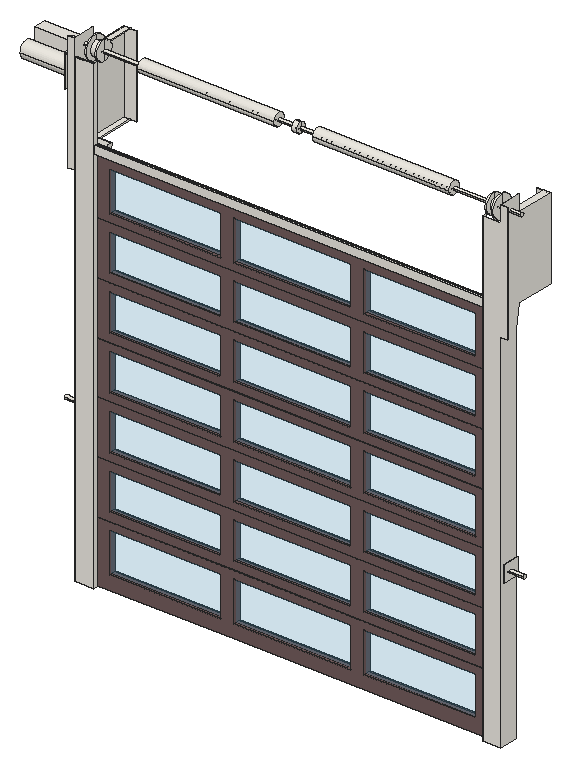
Revit family "Doors-Industrial_Cornell_VertiStack-Clear-Stacking-Door_VS904_", category Specialty Equipment, Revit 2018
Family settings
  Round Connector Dimension = Use Diameter
  Part Type = Normal
  OmniClass Number = 23.25.40.17
  Work Plane-Based = Yes
  Always vertical = Yes
  Cut with Voids When Loaded = No
  Shared = No
  Room Calculation Point = No
Parameters (values of type "VSH 5011EP")
  Voltage = 120 V
  Standard Door = yes
  Single Int Panel Vis [instance] = not(Array Vis)  # no
  Power Factor = 0
  Phase = 1
  Panel Material = Laminated - Cornell -Brown
  Opening Width MIN = 4' - 6"  # constant formula
  Opening Width MAX = 14' - 0"  # constant formula
  URL = "https://www.cornelliron.com/"
  Sizing Disclaimer = "Openings up to 14' wide and 14' high are standard construction. Consult Manufacturer for larger sizes"  # constant formula
  Product data url = "https://www.bimobject.com/cornellironworks/product/vertistack-clear-stacking-door"
  Product Guid = "113de349-bd72-47a0-a1f9-466d2940d166"
  Opening Width [instance] = 10' - 0"
  Opening Height [instance] = 10' - 0"
  Number of Poles = 1
  Number of Panels [instance] = size_lookup(Lookup Table, "N", 2, Actual Height)  # 7
  Number of Int Panels [instance] = if(Number of Panels > 3, Number of Panels - 2, 2)  # 5
  Motor Top Position [instance] = not(or(Motor Side Position, Motor Front Position))  # no
  Motor Side Position [instance] = yes
  Motor Front Position [instance] = no
  Model = "VS904"
  Manufacturer = "Cornell"  # constant formula
  Opening Height MIN = 4' - 0"  # constant formula
  Opening Height MAX = 14' - 0"  # constant formula
  Lookup Table = "Vertistack"  # constant formula
  Lock Handle Height [instance] = if(Counter Door, 1' 0", if(or(Opening Height < 6' 0", Opening Height = 6' 0"), 1' 0", 4' 0"))  # 4' - 0"
  Int Section Height [instance] = size_lookup(Lookup Table, "INT", 1' 2 1/2", Actual Height)  # 1' - 4 1/2"
  Glass Material = Glass - Cornell
  Full Load Current = 4.5 A
  Front Offset [instance] = 0' - 0"
  Frequency = 60 Hz
  Frame Material = Metal - Cornell - Steel RAL9010
  Electrical Notes = "For more information on the Electrical requirements please contact the manufacturer"  # constant formula
  Edition number = 0
  Description = "Model VS904 The VertiStack Clear door utilizes unique, compact stacking panels that take up minimal ceiling space, so it won’t interfere with mechanical, electrical or plumbing fixtures. Vertically stacked panels with minimal projection oﬀ the wall allow for a clear and open ceiling. The panels can even be recessed into the ceiling if desired. Designed to operate smoothly and quietly, patrons will not be disturbed by operation."  # constant formula
  Default Elevation = 0' - 0"
  Custom Size Warning [instance] = if(or(Opening Height > Opening Height MAX, Opening Width > Opening Width MAX), "The size entered exceeds the maximum allowed tolerance. The model will revert to the maximum allowed size.", if(or(Opening Height < Opening Height MIN, Opening Width < Opening Width MIN), "The size entered is smaller than the minumum allowed tolerance. The model will revert to the minimum allowed size", "Size Available"))  # "Size Available"
  Counter Door = not(Standard Door)  # no
  Connector Pos 3 [instance] = if(or(Motor Side Position, Motor Top Position), 0' 2 1/8", 1' 9")  # 0' - 2 1/8"
  Connector Pos 2 [instance] = if(or(Motor Side Position, Motor Front Position), 1' 11", 0' 8")  # 1' - 11"
  Connector Pos 1 [instance] = if(Motor Side Position, 0' 7", 1' 11")  # 0' - 7"
  Connector Description = "Power Connection"  # constant formula
  Assembly Height [instance] = if(Motor Side Position, Actual Height + 2' 6 5/8", Actual Height + 3' 3 3/8")  # 12' - 6 5/8"
  Assembly Code = ""
  Array Vis [instance] = if(Number of Panels > 3, 1 < 2, 1 > 2)  # yes
  Actual Width [instance] = if(Opening Width > Opening Width MAX, Opening Width MAX, if(Opening Width < Opening Width MIN, Opening Width MIN, Opening Width))  # 10' - 0"
  Actual Height [instance] = if(Opening Height > Opening Height MAX, Opening Height MAX, if(Opening Height < Opening Height MIN, Opening Height MIN, round(Opening Height / 0' 1") * 0' 1"))  # 10' - 0"
Types (7): name | Voltage | Phase | Number of Poles | Full Load Current | Frequency
  VSH 5011EP | 120 V | 1 | 1 | 4.5 A | 60 Hz
  VSH 5021P | 230 V | 1 | 1 | 1.8 A | 60 Hz
  VSH 5023P | 230 V | 3 | 3 | 1.1 A | 60 Hz
  VSH 5043P | 460 V | 3 | 3 | 0.58 A | 60 Hz
  VSH 5053P | 575 V | 3 | 3 | 0.6 A | 60 Hz
  VSH 5025P | 230 V | 1 | 1 | 1.8 A | 50 Hz
  VSH 5038P | 380 V | 3 | 3 | 0.68 A | 50 Hz
Reference planes (in)
  plane 1 "Center (Front/Back)": y = -3
  plane 2: z = 0
  plane 3 "Center (Left/Right)": x = 0
  plane 4: x = -60
  plane 5: x = 60
  plane 6: y = -3
  plane 7: z = 120
  plane 8: z = 113
  plane 9: z = 145
  plane 10: y = 16
  plane 11: y = 4
  plane 12: z = 150
  plane 13: z = 113.5
  plane 14: x = 69
  plane 15: x = -70
  plane 16: z = 146.875
  plane 17: y = 1
  plane 18: y = 7
  plane 19: x = -83.75
  plane 20: x = -68.75
  plane 21: z = 158
  plane 22: x = -52.5
  plane 23: x = -66.32031
  plane 24: y = 8
  plane 25: y = -0.125
  plane 26: z = 120.5
  plane 27: z = 135
  plane 28: x = -6
  plane 29: x = -48
  plane 30: x = 6
  plane 31: x = 48
  plane 32: z = 48
  plane 33: x = -66.25
  plane 34: x = 66.25
  plane 35: y = 27.47206
Forms (in)
  Extrusion 1, solid, material "Metal - Cornell - Steel RAL9010" <- "Frame Material"
    sketch origin (0, 0, 0) x (1, 0, 0) y (0, 1, 0)
      loop
        line (-60, -3) -> (-60, -1.6875) -> (-60.10156, -1.6875) -> (-60.10156, -2.89844) -> (-65.64844, -2.89844) -> (-65.64844, 2.64844) -> (-60.10156, 2.64844) -> (-60.10156, 1.4375) -> (-60, 1.4375) -> (-60, 2.75) -> (-65.75, 2.75) -> (-65.75, -3) -> (-60, -3)
      loop
        line (60, -3) -> (65.75, -3) -> (65.75, 2.75) -> (60, 2.75) -> (60, 1.4375) -> (60.10156, 1.4375) -> (60.10156, 2.64844) -> (65.64844, 2.64844) -> (65.64844, -2.89844) -> (60.10156, -2.89844) -> (60.10156, -1.6875) -> (60, -1.6875) -> (60, -3)
    from 0 to 113
  Extrusion 2, solid, material "Metal - Cornell - Steel RAL9010" <- "Frame Material"
    sketch origin (0, 0, 0) x (1, 0, 0) y (0, 1, 0)
      loop
        line (-65.75, -3) -> (-60, -3) -> (-60, -1.6875) -> (-60.10156, -1.6875) -> (-60.10156, -2.89844) -> (-65.64844, -2.89844) -> (-65.64844, 15.89844) -> (-61.75, 15.89844) -> (-61.75, 16) -> (-65.75, 16) -> (-65.75, -3)
      loop
        line (60, -3) -> (65.75, -3) -> (65.75, 16) -> (61.75, 16) -> (61.75, 15.89844) -> (65.64844, 15.89844) -> (65.64844, -2.89844) -> (60.10156, -2.89844) -> (60.10156, -1.6875) -> (60, -1.6875) -> (60, -3)
    from 120 to 145
  Extrusion 3, solid, material "Metal - Cornell - Steel RAL9010" <- "Frame Material"
    sketch origin (0, 0.75, 0) x (0, 1, 0) y (0, 0, 1)
      loop
        line (-3.75, 120) -> (-2.25, 120) -> (-2.25, 120.125) -> (-3.625, 120.125) -> (-3.625, 122.375) -> (-3, 122.375) -> (-3, 122.5) -> (-3.75, 122.5) -> (-3.75, 120)
    from -60 to 60
  Extrusion 4, solid, material "Metal - Cornell - Steel RAL9010" <- "Frame Material"
    sketch origin (0, -3, 0) x (1, 0, 0) y (0, 0, 1)
      loop
        line (65.75, 145) -> (65.75, 145.125) -> (63.75, 145.125) -> (63.75, 145) -> (65.75, 145)
      loop
        line (-65.75, 145) -> (-63.75, 145) -> (-63.75, 145.125) -> (-65.75, 145.125) -> (-65.75, 145)
      loop
        line (-65.75, 119.875) -> (-63.75, 119.875) -> (-63.75, 120) -> (-65.75, 120) -> (-65.75, 119.875)
      loop
        line (65.75, 119.875) -> (65.75, 120) -> (63.75, 120) -> (63.75, 119.875) -> (65.75, 119.875)
    from -19 to -7
  Extrusion 5, solid, material "Metal - Cornell - Steel RAL9010" <- "Frame Material"
    sketch origin (0, 0, 0) x (1, 0, 0) y (0, 1, 0)
      loop
        line (65.75, 4) -> (65.64844, 4) -> (65.64844, -3) -> (65.75, -3) -> (65.75, 4)
      loop
        line (-65.75, -3) -> (-65.64844, -3) -> (-65.64844, 4) -> (-65.75, 4) -> (-65.75, -3)
    from 145 to 150
  Extrusion 6, solid, material "Metal - Cornell - Steel RAL9010" <- "Frame Material"
    sketch origin (0, 0, 0) x (1, 0, 0) y (0, 1, 0)
      loop
        line (-67.75, -3) -> (-65.75, -3) -> (-65.75, -2.89844) -> (-67.75, -2.89844) -> (-67.75, -3)
      loop
        line (67.75, -3) -> (67.75, -2.89844) -> (65.75, -2.89844) -> (65.75, -3) -> (67.75, -3)
    from 113.5 to 150
  Extrusion 7, solid, material "Metal - Cornell - Steel RAL9010" <- "Frame Material"
    sketch origin (0, 0, 0) x (0, 1, 0) y (0, 0, 1)
      loop
        circle (1, 146.875) r 0.5
    from -70 to 69
  Extrusion 8, void
    sketch origin (0, 0, 0) x (0, 1, 0) y (0, 0, 1)
      loop
        circle (1, 146.875) r 0.75
    from -70 to 69
  Revolve 9, solid, material "Metal - Cornell - Steel RAL9010" <- "Frame Material"
    sketch origin (0, 1, 159.375) x (0, 0, -1) y (-1, 0, 0)
      loop
        line (12.5, 62.89844) -> (9, 62.89844) -> (9, 62.39844) -> (10.25, 62.39844) -> (10.25, 60.39844) -> (9.625, 60.39844) -> (9.625, 59.89844) -> (12.5, 59.89844) -> (12.5, 62.89844)
      loop
        line (12.5, -62.89844) -> (12.5, -59.89844) -> (9.625, -59.89844) -> (9.625, -60.39844) -> (10.875, -60.39844) -> (10.875, -62.39844) -> (9, -62.39844) -> (9, -62.89844) -> (12.5, -62.89844)
      loop
        line (12.5, -0.75) -> (12.5, 0.75) -> (11, 0.75) -> (11, -0.75) -> (12.5, -0.75)
      axis (12.5, 62.89844) -> (12.5, -62.89844)
    angle from 0 to 360
  Extrusion 10, solid, material "Metal - Cornell - Steel RAL9010" <- "Frame Material", visible <- "Motor Side Position"
    sketch origin (0, -3, 0) x (1, 0, 0) y (0, 0, 1)
      loop
        line (-65.75, 142.75) -> (-65.75, 145) -> (-68.75, 145) -> (-68.75, 135) -> (-68.5, 135) -> (-68.5, 144.75) -> (-66, 144.75) -> (-66, 142.75) -> (-65.75, 142.75)
    from -10 to -0.10156
  Extrusion 11, solid, material "Metal - Cornell - Steel RAL9010" <- "Frame Material", visible <- "Motor Side Position"
    sketch origin (0, 0, 0) x (0, 1, 0) y (0, 0, 1)
      loop
        circle (1, 138.96205) r 2.5
    from -83.75 to -68.75
  Extrusion 12, solid, material "Metal - Cornell - Steel RAL9010" <- "Frame Material", visible <- "Motor Side Position"
    sketch origin (0, 0, 0) x (1, 0, 0) y (0, 1, 0)
      loop
        line (-83.75, 8) -> (-83.75, 4) -> (-68.75, 4) -> (-68.75, 8) -> (-83.75, 8)
    from 135 to 143.77176
  Blend 13, solid, material "Metal - Cornell - Steel RAL9010" <- "Frame Material"
    base sketch origin (0, 0, 0) x (1, 0, 0) y (0, 1, 0)
      loop
        line (-65.75, -3) -> (-60, -3) -> (-60, -1.6875) -> (-60.10156, -1.6875) -> (-60.10156, -2.89844) -> (-65.64844, -2.89844) -> (-65.64844, 2.64844) -> (-60.10156, 2.64844) -> (-60.10156, 1.4375) -> (-60, 1.4375) -> (-60, 2.75) -> (-65.75, 2.75) -> (-65.75, -2.46094) -> (-65.75, -3)
    top sketch origin (0, 0, 0) x (1, 0, 0) y (0, 1, 0)
      loop
        line (-65.75, -3) -> (-60, -3) -> (-60, -1.6875) -> (-60.10156, -1.6875) -> (-60.10156, -2.89844) -> (-65.64844, -2.89844) -> (-65.64844, 3.89844) -> (-60.10156, 3.89844) -> (-60.10156, 2.6875) -> (-60, 2.6875) -> (-60, 4) -> (-65.75, 4) -> (-65.75, -2.46094) -> (-65.75, -3)
    from 113 to 120
  Blend 14, solid, material "Metal - Cornell - Steel RAL9010" <- "Frame Material"
    base sketch origin (0, 0, 0) x (1, 0, 0) y (0, 1, 0)
      loop
        line (65.75, 2.75) -> (60, 2.75) -> (60, 1.4375) -> (60.10156, 1.4375) -> (60.10156, 2.64844) -> (65.64844, 2.64844) -> (65.64844, -2.89844) -> (60.10156, -2.89844) -> (60.10156, -1.6875) -> (60, -1.6875) -> (60, -3) -> (65.75, -3) -> (65.75, -2.89844) -> (65.75, 2.75)
    top sketch origin (0, 0, 0) x (1, 0, 0) y (0, 1, 0)
      loop
        line (65.75, 4) -> (60, 4) -> (60, 2.6875) -> (60.10156, 2.6875) -> (60.10156, 3.89844) -> (65.64844, 3.89844) -> (65.64844, -2.89844) -> (60.10156, -2.89844) -> (60.10156, -1.6875) -> (60, -1.6875) -> (60, -3) -> (65.75, -3) -> (65.75, -2.89844) -> (65.75, 4)
    from 113 to 120
  Extrusion 15, solid, material "Metal - Cornell - Steel RAL9010" <- "Frame Material", visible <- "Motor Top Position"
    sketch origin (0, 0, 0) x (1, 0, 0) y (0, 1, 0)
      loop
        line (-66.5, -3) -> (-60.75, -3) -> (-60.75, -2.82031) -> (-66.32031, -2.82031) -> (-66.32031, 6) -> (-66.5, 6) -> (-66.5, -3)
    from 150 to 158
  Extrusion 16, solid, material "Metal - Cornell - Steel RAL9010" <- "Frame Material", visible <- "Motor Top Position"
    sketch origin (0, 0, 0) x (1, 0, 0) y (0, 1, 0)
      loop
        line (-60.75, -2.82031) -> (-65.36638, -2.82031) -> (-65.36638, -3) -> (-60.75, -3) -> (-60.75, -2.82031)
    from 146.875 to 150
  Extrusion 17, solid, material "Metal - Cornell - Steel RAL9010" <- "Frame Material", visible <- "Motor Top Position"
    sketch origin (0, 0, 0) x (0, 1, 0) y (0, 0, 1)
      loop
        circle (1, 153.503) r 2.5
    from -66.32031 to -52.5
  Extrusion 18, solid, material "Metal - Cornell - Steel RAL9010" <- "Frame Material", visible <- "Motor Top Position"
    sketch origin (-74.31324, 4, 360) x (-1, 0, 0) y (0, 0, 1)
      loop
        line (-21.81324, -210) -> (-7.99292, -210) -> (-7.99292, -201.25) -> (-21.81324, -201.25) -> (-21.81324, -210)
    from 0 to 4
  Extrusion 19, solid, not visible
    sketch origin (0, 0, 0) x (1, 0, 0) y (0, 1, 0)
      loop
        circle (-76.75, 6.125) r 0.5
    from 135 to 158
  Extrusion 20, solid, material "Metal - Cornell - Steel RAL9010"
    sketch origin (0, 0, 0) x (0, 1, 0) y (0, 0, 1)
      loop
        circle (1, 146.875) r 1.875
    from -48 to -6
  Extrusion 21, solid, material "Metal - Cornell - Steel RAL9010"
    sketch origin (0, 0, 0) x (0, 1, 0) y (0, 0, 1)
      loop
        circle (1, 146.875) r 1.875
    from 6 to 48
  Extrusion 22, solid, material "Metal - Cornell - Steel RAL9010" <- "Frame Material", visible <- "Motor Front Position"
    sketch origin (-74.31324, 4, 345) x (-1, 0, 0) y (0, 0, 1)
      loop
        line (-21.81324, -210) -> (-7.99292, -210) -> (-7.99292, -201.25) -> (-21.81324, -201.25) -> (-21.81324, -210)
    from 19.46827 to 23.47206
  Extrusion 23, solid, material "Metal - Cornell - Steel RAL9010" <- "Frame Material", visible <- "Motor Front Position"
    sketch origin (0, 19, -16.75) x (0, 1, 0) y (0, 0, 1)
      loop
        circle (1, 156.003) r 2.5
    from -66.32031 to -52.5
  Extrusion 24, solid, material "Metal - Cornell - Steel RAL9010" <- "Frame Material", visible <- "Motor Front Position"
    sketch origin (0, 0, 0) x (1, 0, 0) y (0, 1, 0)
      loop
        line (-66.32031, 27.47206) -> (-66.32031, 12.57425) -> (-65.75, 12.57425) -> (-65.75, 27.47206) -> (-66.32031, 27.47206)
    from 135 to 145
  Extrusion 25, solid, material "Metal - Cornell - Steel RAL9010" <- "Frame Material", detail levels medium+fine
    sketch origin (-65.75, -3, 0) x (0, 1, 0) y (0, 0, -1)
      loop
        line (5.75, -45.44398) -> (0.75, -45.44398) -> (0.75, -50.55602) -> (5.75, -50.55602) -> (5.75, -45.44398)
    from 0 to 0.5
  Extrusion 26, solid, material "Metal - Cornell - Steel RAL9010" <- "Frame Material", detail levels medium+fine
    sketch origin (-65.75, -3, 0) x (0, 1, 0) y (0, 0, -1)
      loop
        circle (2.875, -47.96875) r 0.5
    from 0 to 5
  Extrusion 27, solid, material "Metal - Cornell - Steel RAL9010" <- "Frame Material", detail levels medium+fine
    sketch origin (65.75, 4, 0) x (0, -1, 0) y (0, 0, -1)
      loop
        line (1.25, -50.55602) -> (6.25, -50.55602) -> (6.25, -45.44398) -> (1.25, -45.44398) -> (1.25, -50.55602)
    from 0 to 0.5
  Extrusion 28, solid, material "Metal - Cornell - Steel RAL9010" <- "Frame Material", detail levels medium+fine
    sketch origin (65.75, 4, 0) x (0, -1, 0) y (0, 0, -1)
      loop
        circle (4.125, -47.96875) r 0.5
    from 0 to 5
Cuts and joins
  Extrusion 8 cuts Extrusion 5
  joined: Extrusion 1, Extrusion 2, Extrusion 4, Extrusion 5, Extrusion 6, Blend 13, Blend 14
  joined: Extrusion 15, Extrusion 16
  joined: Extrusion 22, Extrusion 23, Extrusion 24
Dimensions and locks (in)
  equal spacing: plane 4, plane 3 "Center (Left/Right)", plane 5
  "Actual Width": plane 4 to plane 5
  "Actual Height": plane 7 to level
  locked: Extrusion 1 sketch curve to plane 4 at 5.75
  locked: plane 5 to Extrusion 1 sketch curve at 5.75
  locked: plane 7 to plane 8 at 7
  locked: plane 9 to plane 7 at 25
  locked: Extrusion 3 sketch curve to plane 7 at 2.5
  locked: Extrusion 3 sketch curve to Extrusion 3 sketch curve at 1.5
  locked: Extrusion 3 sketch curve to Extrusion 3 sketch curve at 0.75
  locked: plane 10 to plane 6 at 19
  locked: plane 10 to Extrusion 2 sketch curve at 0.10156  (x2)
  locked: Extrusion 2 sketch curve to Extrusion 2 sketch curve at 4
  locked: Extrusion 4 sketch curve to Extrusion 4 sketch curve at 2  (x4)
  locked: Extrusion 4 sketch curve to plane 9 at 0.125  (x2)
  locked: plane 10 to plane 11 at 12
  locked: plane 7 to Extrusion 4 sketch curve at 0.125  (x2)
  plane 12 to plane 9 = 0' - 5"
  locked: Extrusion 6 sketch curve to Extrusion 6 sketch curve at 2  (x2)
  locked: plane 7 to plane 13 at 6.5
  locked: cut or joined group of Extrusion 1, Extrusion 2, Extrusion 4, Extrusion 5, Extrusion 6, Extrusion 8, Blend 13, Blend 14 to Extrusion 7 sketch curve at 2.5
  locked: plane 5 to plane 14 at 9
  locked: plane 15 to plane 4 at 10
  plane 16 to plane 9 = 0' - 1 7/8"
  locked: Revolve 9 sketch curve to plane 16 at 3.5  (x2)
  locked: Revolve 9 sketch curve to Revolve 9 sketch curve at 0.5  (x4)
  locked: Revolve 9 sketch curve to Revolve 9 sketch curve at 2  (x2)
  locked: Revolve 9 sketch curve to cut or joined group of Extrusion 1, Extrusion 2, Extrusion 4, Extrusion 5, Extrusion 6, Extrusion 8, Blend 13, Blend 14 at 2.75  (x2)
  locked: Revolve 9 sketch curve to plane 16 at 1.5
  equal spacing: Revolve 9 sketch curve, plane 3 "Center (Left/Right)", Revolve 9 sketch curve
  locked: Revolve 9 sketch curve to Revolve 9 sketch curve at 1.5
  locked: Extrusion 10 sketch curve to Extrusion 10 sketch curve at 3
  locked: plane 9 to Extrusion 10 sketch curve at 10
  locked: plane 9 to Extrusion 10 sketch curve at 2.25
  locked: plane 18 to plane 6 at 10
  equal spacing: Extrusion 11 sketch curve, plane 17, Extrusion 11 sketch curve
  locked: Extrusion 10 to Extrusion 11 sketch curve at 3.96205
  locked: plane 20 to plane 15 at 1.25
  locked: plane 15 to plane 19 at 13.75
  locked: Extrusion 12 sketch curve to plane 11 at 4
  locked: plane 9 to Extrusion 12 at 1.22824
  "Front Offset": plane 6 to plane 1 "Center (Front/Back)"
  locked: plane 11 to Blend 13 sketch curve at 0.10156
  locked: plane 11 to Blend 13 sketch curve at 1.3125
  locked: plane 11 to Blend 14 sketch curve at 0.10156
  locked: plane 11 to Blend 14 sketch curve at 1.3125
  locked: plane 17 to plane 6 at 4
  locked: Extrusion 6 sketch curve to plane 6 at 0.10156  (x2)
  locked: plane 21 to plane 12 at 8
  locked: Extrusion 15 sketch curve to cut or joined group of Extrusion 1, Extrusion 2, Extrusion 4, Extrusion 5, Extrusion 6, Extrusion 8, Blend 13, Blend 14 at 0.75
  locked: Extrusion 15 sketch curve to cut or joined group of Extrusion 1, Extrusion 2, Extrusion 4, Extrusion 5, Extrusion 6, Extrusion 8, Blend 13, Blend 14 at 0.57031
  locked: Extrusion 15 to Extrusion 16 sketch curve at 1.13362
  equal spacing: Extrusion 17 sketch curve, plane 17, Extrusion 17 sketch curve
  locked: plane 21 to Extrusion 17 sketch curve at 4.497
  locked: plane 20 to plane 22 at 16.25
  locked: plane 20 to plane 23 at 2.42969
  locked: Extrusion 18 sketch curve to plane 12 at 8.75
  locked: plane 24 to plane 11 at 4
  locked: plane 25 to plane 6 at 2.875
  equal spacing: group 1, group 2, group 3, group 4, group 5  (x3)
  locked: plane 26 to plane 7 at 0.5
  "Connector Pos 1": plane 19 to Extrusion 19 sketch curve
  "Connector Pos 2": plane 21 to plane 27
  "Connector Pos 3": Extrusion 19 sketch curve to plane 11
  plane 4 to cut or joined group of Extrusion 1, Extrusion 2, Extrusion 4, Extrusion 5, Extrusion 6, Extrusion 8, Blend 13, Blend 14 = 0' - 5 3/4"
  plane 5 to plane 4 = 10' - 0"
  locked: Extrusion 7 sketch curve to plane 9 at 1.875
  locked: plane 18 to Extrusion 8 sketch curve at 6
  locked: Extrusion 8 sketch curve to plane 9 at 1.875
  locked: Extrusion 20 sketch curve to plane 9 at 1.875
  locked: plane 11 to Extrusion 20 sketch curve at 3
  locked: plane 3 "Center (Left/Right)" to plane 28 at 6
  locked: plane 30 to plane 3 "Center (Left/Right)" at 6
  locked: plane 4 to plane 33 at 6.25
  locked: plane 34 to plane 5 at 6.25
  "Lock Handle Height": plane 32 to level
  Extrusion 23 sketch curve to Extrusion 23 sketch curve = 0' - 5"
  locked: Extrusion 22 to Extrusion 22 at 4.00378
  locked: plane 35 to plane 10 at 11.47206
  locked: plane 35 to Extrusion 23 sketch curve at 7.47206
  locked: plane 10 to Extrusion 24 sketch curve at 3.42575
  locked: cut or joined group of Extrusion 22, Extrusion 23, Extrusion 24 to Extrusion 23 sketch curve at 4.253
  locked: Extrusion 1 sketch curve to plane 6 at 0.10156
  locked: Extrusion 1 sketch curve to plane 6 at 1.3125
  locked: Extrusion 1 sketch curve to plane 6 at 4.4375
  locked: Extrusion 1 sketch curve to plane 6 at 5.64844
  Extrusion 1 sketch curve to plane 6 = 0' - 5 3/4"
  locked: Extrusion 2 sketch curve to plane 6 at 1.3125
  locked: Extrusion 2 sketch curve to plane 6 at 0.10156
  equal spacing: Extrusion 25 sketch curve, plane 32, Extrusion 25 sketch curve
  locked: cut or joined group of Extrusion 1, Extrusion 2, Extrusion 4, Extrusion 5, Extrusion 6, Extrusion 8, Blend 13, Blend 14 to Extrusion 25 sketch curve at 5
  locked: Extrusion 25 sketch curve to Extrusion 25 sketch curve at 5.11204
  locked: Extrusion 26 sketch curve to plane 32 at 0.46875
  locked: plane 25 to Extrusion 26 sketch curve at 0.5
  locked: plane 5 to plane 31 at 12
  locked: plane 29 to plane 4 at 12
  aligned and locked: level to plane 2
  aligned and locked: Extrusion 1 sketch curve to plane 4  (x2)
  aligned and locked: Extrusion 1 sketch curve to plane 5  (x2)
  aligned and locked: plane 8 to Extrusion 1
  aligned and locked: plane 9 to Extrusion 2
  aligned and locked: Extrusion 2 to plane 7
  aligned and locked: plane 7 to Extrusion 3 sketch curve
  aligned and locked: Extrusion 3 to plane 4
  aligned and locked: plane 5 to Extrusion 3
  aligned and locked: Extrusion 2 sketch curve to plane 10
  aligned and locked: plane 10 to Extrusion 2 sketch curve
  aligned and locked: cut or joined group of Extrusion 1, Extrusion 2, Extrusion 4, Extrusion 5, Extrusion 6, Extrusion 8, Blend 13, Blend 14 to Extrusion 4 sketch curve  (x2)
  aligned and locked: plane 9 to Extrusion 4 sketch curve
  aligned and locked: Extrusion 4 sketch curve to plane 9
  aligned and locked: Extrusion 4 to plane 11
  aligned and locked: plane 7 to Extrusion 4 sketch curve
  aligned and locked: Extrusion 4 sketch curve to plane 7
  aligned and locked: Extrusion 5 sketch curve to cut or joined group of Extrusion 1, Extrusion 2, Extrusion 4, Extrusion 5, Extrusion 6, Extrusion 8, Blend 13, Blend 14  (x3)
  aligned and locked: cut or joined group of Extrusion 1, Extrusion 2, Extrusion 4, Extrusion 5, Extrusion 6, Extrusion 8, Blend 13, Blend 14 to Extrusion 5 sketch curve  (x2)
  aligned and locked: Extrusion 5 to plane 9
  aligned and locked: plane 12 to Extrusion 5
  aligned and locked: Extrusion 6 sketch curve to cut or joined group of Extrusion 1, Extrusion 2, Extrusion 4, Extrusion 5, Extrusion 6, Extrusion 8, Blend 13, Blend 14
  aligned and locked: Extrusion 6 to plane 13
  aligned and locked: plane 12 to Extrusion 6
  aligned and locked: plane 14 to Extrusion 7
  aligned and locked: Extrusion 7 to plane 15
  aligned and locked: Extrusion 8 to plane 15
  aligned and locked: plane 14 to Extrusion 8
  aligned and locked: plane 16 to Revolve 9 sketch curve
  aligned and locked: Revolve 9 sketch curve to plane 16  (x3)
  aligned and locked: Extrusion 10 sketch curve to cut or joined group of Extrusion 1, Extrusion 2, Extrusion 4, Extrusion 5, Extrusion 6, Extrusion 8, Blend 13, Blend 14
  aligned and locked: plane 9 to Extrusion 10 sketch curve
  aligned and locked: Extrusion 10 to cut or joined group of Extrusion 1, Extrusion 2, Extrusion 4, Extrusion 5, Extrusion 6, Extrusion 8, Blend 13, Blend 14
  aligned and locked: plane 18 to Extrusion 10
  aligned and locked: Extrusion 11 to plane 20
  aligned and locked: Extrusion 11 to plane 19
  aligned and locked: plane 11 to Extrusion 12 sketch curve
  aligned and locked: plane 20 to Extrusion 12 sketch curve
  aligned and locked: plane 19 to Extrusion 12 sketch curve
  aligned and locked: Extrusion 12 to Extrusion 10
  aligned and locked: cut or joined group of Extrusion 1, Extrusion 2, Extrusion 4, Extrusion 5, Extrusion 6, Extrusion 8, Blend 13, Blend 14 to Blend 13 sketch curve  (x5)
  aligned and locked: Blend 13 sketch curve to cut or joined group of Extrusion 1, Extrusion 2, Extrusion 4, Extrusion 5, Extrusion 6, Extrusion 8, Blend 13, Blend 14  (x16)
  aligned and locked: plane 11 to Blend 13 sketch curve
  aligned and locked: Blend 13 to plane 8
  aligned and locked: plane 7 to Blend 13
  aligned and locked: Blend 14 sketch curve to cut or joined group of Extrusion 1, Extrusion 2, Extrusion 4, Extrusion 5, Extrusion 6, Extrusion 8, Blend 13, Blend 14  (x18)
  aligned and locked: cut or joined group of Extrusion 1, Extrusion 2, Extrusion 4, Extrusion 5, Extrusion 6, Extrusion 8, Blend 13, Blend 14 to Blend 14 sketch curve  (x5)
  aligned and locked: plane 11 to Blend 14 sketch curve
  aligned and locked: plane 7 to Blend 14
  aligned and locked: Blend 14 to plane 8
  aligned and locked: Extrusion 15 to plane 12
  aligned and locked: plane 21 to Extrusion 15
  aligned and locked: Extrusion 16 sketch curve to Extrusion 15
  aligned and locked: cut or joined group of Extrusion 1, Extrusion 2, Extrusion 4, Extrusion 5, Extrusion 6, Extrusion 8, Blend 13, Blend 14 to Extrusion 16
  aligned and locked: Extrusion 16 to plane 16
  aligned and locked: plane 23 to Extrusion 17
  aligned and locked: plane 22 to Extrusion 17
  aligned and locked: Extrusion 18 sketch curve to plane 22
  aligned and locked: plane 12 to Extrusion 18 sketch curve
  aligned and locked: Extrusion 18 sketch curve to plane 23
  aligned and locked: plane 24 to Extrusion 18
  aligned and locked: plane 3 "Center (Left/Right)" to nested 1
  aligned and locked: nested 1 to plane 25
  aligned and locked: nested 1 to level
  aligned and locked: nested 2 to plane 25
  aligned and locked: nested 3 to plane 25
  aligned and locked: nested 3 to nested 1
  aligned and locked: nested 4 to nested 5
  aligned and locked: nested 4 to nested 3
  aligned and locked: nested 4 to plane 25
  aligned and locked: nested 5 to plane 25
  aligned and locked: plane 26 to nested 2
  aligned and locked: plane 21 to Extrusion 19
  aligned and locked: Extrusion 19 to plane 27
  aligned and locked: plane 28 to Extrusion 20
  aligned and locked: Extrusion 20 to plane 29
  aligned and locked: Extrusion 21 sketch curve to Extrusion 20  (x2)
  aligned and locked: Extrusion 21 to plane 30
  aligned and locked: plane 31 to Extrusion 21
  aligned and locked: plane 35 to Extrusion 22
  aligned and locked: plane 23 to Extrusion 22
  aligned and locked: plane 22 to Extrusion 22
  aligned and locked: plane 22 to Extrusion 23
  aligned and locked: plane 23 to Extrusion 23
  aligned and locked: Extrusion 24 sketch curve to plane 35
  aligned and locked: Extrusion 24 sketch curve to Extrusion 22
  aligned and locked: Extrusion 24 sketch curve to cut or joined group of Extrusion 1, Extrusion 2, Extrusion 4, Extrusion 5, Extrusion 6, Extrusion 8, Blend 13, Blend 14
  aligned and locked: cut or joined group of Extrusion 22, Extrusion 23, Extrusion 24 to Extrusion 10  (x2)
  aligned and locked: Extrusion 15 sketch curve to plane 6
  aligned and locked: cut or joined group of Extrusion 15, Extrusion 16 to cut or joined group of Extrusion 15, Extrusion 16  (x2)
  aligned and locked: plane 6 to Extrusion 3 sketch curve
  aligned and locked: Extrusion 1 sketch curve to plane 6
  aligned and locked: plane 6 to Extrusion 1 sketch curve
  aligned and locked: Extrusion 1 sketch curve to Extrusion 1 sketch curve  (x5)
  aligned and locked: Extrusion 2 sketch curve to plane 6
  aligned and locked: Extrusion 2 sketch curve to plane 5
  aligned and locked: Extrusion 2 sketch curve to Extrusion 2 sketch curve
  aligned and locked: cut or joined group of Extrusion 1, Extrusion 2, Extrusion 4, Extrusion 5, Extrusion 6, Extrusion 8, Blend 13, Blend 14 to Extrusion 2 sketch curve
  aligned and locked: Extrusion 2 sketch curve to cut or joined group of Extrusion 1, Extrusion 2, Extrusion 4, Extrusion 5, Extrusion 6, Extrusion 8, Blend 13, Blend 14
  aligned and locked: Extrusion 6 sketch curve to plane 6
  aligned and locked: plane 6 to Extrusion 6 sketch curve
  aligned and locked: Blend 13 sketch curve to plane 6  (x2)
  aligned and locked: Extrusion 5 sketch curve to plane 6
  aligned and locked: plane 9 to cut or joined group of Extrusion 22, Extrusion 23, Extrusion 24
  aligned and locked: Extrusion 25 sketch curve to cut or joined group of Extrusion 1, Extrusion 2, Extrusion 4, Extrusion 5, Extrusion 6, Extrusion 8, Blend 13, Blend 14
  aligned and locked: Extrusion 27 sketch curve to Extrusion 25  (x4)
  aligned and locked: Extrusion 28 sketch curve to Extrusion 26  (x2)
  aligned and locked: plane 10 to cut or joined group of Extrusion 1, Extrusion 2, Extrusion 4, Extrusion 5, Extrusion 6, Extrusion 8, Blend 13, Blend 14
Automatic sketch dimensions
  Extrusion 1 sketch curve to Extrusion 1 sketch curve = 0' - 0 13/128"  (x2)
  Extrusion 1 sketch curve to plane 4 = 0' - 0 13/128"  (x2)
  plane 5 to Extrusion 1 sketch curve = 0' - 0 13/128"  (x2)
  Extrusion 2 sketch curve to plane 4 = 0' - 0"
  Extrusion 2 sketch curve to Extrusion 2 sketch curve = 0' - 0 13/128"  (x3)
  Extrusion 2 sketch curve to plane 4 = 0' - 1 3/4"
  plane 33 to Extrusion 2 sketch curve = 0' - 0 77/128"
  plane 5 to Extrusion 2 sketch curve = 0' - 0 13/128"
  plane 5 to Extrusion 2 sketch curve = 0' - 1 3/4"
  plane 33 to Extrusion 4 sketch curve = 0' - 2 1/2"  (x2)
  plane 33 to Extrusion 5 sketch curve = 0' - 0 77/128"
  Extrusion 5 sketch curve to Extrusion 5 sketch curve = 0' - 0 13/128"
  plane 33 to Extrusion 6 sketch curve = 0' - 0 1/2"
  Extrusion 7 sketch curve to Extrusion 7 sketch curve = 0' - 0"
  Extrusion 7 sketch curve to plane 17 = 0' - 0"
  plane 25 to Extrusion 8 sketch curve = 0' - 0 3/8"
  Revolve 9 sketch curve to plane 12 = 0' - 0 1/4"  (x2)
  Revolve 9 sketch curve to plane 12 = 0' - 0 7/8"
  Revolve 9 sketch curve to plane 12 = 0' - 1 1/2"
  plane 29 to Revolve 9 sketch curve = 0' - 9 77/128"
  Revolve 9 sketch curve to plane 22 = 0' - 0 19/128"
  Extrusion 10 sketch curve to plane 20 = 0' - 0 1/4"
  plane 33 to Extrusion 10 sketch curve = 0' - 0 1/4"
  Extrusion 10 sketch curve to plane 9 = 0' - 0 1/4"
  Blend 13 sketch curve to Blend 13 sketch curve = 0' - 0 7/16"  (x2)
  Blend 14 sketch curve to Blend 14 sketch curve = 0' - 0"  (x2)
  Extrusion 15 sketch curve to plane 4 = 0' - 0 3/4"
  Extrusion 22 sketch curve to plane 12 = 1' - 3"
  Extrusion 22 sketch curve to plane 21 = 1' - 2 1/4"
  plane 19 to Extrusion 22 sketch curve = 2' - 7 1/4"
  Extrusion 22 sketch curve to Extrusion 22 sketch curve = 1' - 1 105/128"
  Extrusion 15 sketch curve to Extrusion 15 sketch curve = 0' - 0 23/128"
  plane 11 to Extrusion 15 sketch curve = 0' - 2"
  Extrusion 16 sketch curve to plane 1 "Center (Front/Back)" = 0' - 0"
  Extrusion 16 sketch curve to Extrusion 16 sketch curve = 0' - 0 23/128"
  plane 6 to Extrusion 3 sketch curve = 0' - 0 1/8"
  Extrusion 3 sketch curve to Extrusion 3 sketch curve = 0' - 0 1/8"  (x2)
  Extrusion 26 sketch curve to Extrusion 5 = 0' - 2 7/8"
  radius of Extrusion 11 sketch curve = 0' - 2 1/2"
  radius of Extrusion 17 sketch curve = 0' - 2 1/2"
  radius of Extrusion 20 sketch curve = 0' - 1 7/8"
  radius of Extrusion 23 sketch curve = 0' - 2 1/2"
  radius of Extrusion 19 sketch curve = 0' - 0 1/2"
Nested families (in)
  nested 1: "Panel" at (0, -0.125, 0), Height <- "Int Section Height", type "Panel"
    with Top Panel no, Top Bar Height 0' - 2 1/2", Height 1' - 4 1/2", Bottom Panel yes, Bottom Bar Height 0' - 4 1/4", Actual Height 1' - 7"
  nested 2: "Panel" at (0, -0.125, 101.5), Height <- "Int Section Height", type "Panel"
    with Top Panel yes, Top Bar Height 0' - 4 1/4", Height 1' - 4 1/2", Bottom Panel no, Bottom Bar Height 0' - 2 1/2", Actual Height 1' - 7"
  nested 3: "Panel" at (0, -0.125, 19), Height <- "Int Section Height", visible <- "Single Int Panel Vis", type "Panel"
    with Top Panel no, Top Bar Height 0' - 2 1/2", Height 1' - 4 1/2", Bottom Panel no, Bottom Bar Height 0' - 2 1/2", Actual Height 1' - 4 1/2"
  nested 4: "Panel" at (0, -0.125, 19), Height <- "Int Section Height", visible <- "Array Vis", type "Panel"
    with Top Panel no, Top Bar Height 0' - 2 1/2", Height 1' - 4 1/2", Bottom Panel no, Bottom Bar Height 0' - 2 1/2", Actual Height 1' - 4 1/2"
  nested 5: "Panel" at (0, -0.125, 35.5), Height <- "Int Section Height", visible <- "Array Vis", type "Panel"
    with Top Panel no, Top Bar Height 0' - 2 1/2", Height 1' - 4 1/2", Bottom Panel no, Bottom Bar Height 0' - 2 1/2", Actual Height 1' - 4 1/2"
  nested 6: "Panel" at (0, -0.125, 52), Height <- "Int Section Height", visible <- "Array Vis", type "Panel"
    with Top Panel no, Top Bar Height 0' - 2 1/2", Height 1' - 4 1/2", Bottom Panel no, Bottom Bar Height 0' - 2 1/2", Actual Height 1' - 4 1/2"
  nested 7: "Panel" at (0, -0.125, 68.5), Height <- "Int Section Height", visible <- "Array Vis", type "Panel"
    with Top Panel no, Top Bar Height 0' - 2 1/2", Height 1' - 4 1/2", Bottom Panel no, Bottom Bar Height 0' - 2 1/2", Actual Height 1' - 4 1/2"
  nested 8: "Panel" at (0, -0.125, 85), Height <- "Int Section Height", visible <- "Array Vis", type "Panel"
    with Top Panel no, Top Bar Height 0' - 2 1/2", Height 1' - 4 1/2", Bottom Panel no, Bottom Bar Height 0' - 2 1/2", Actual Height 1' - 4 1/2"
Connectors (in)
  electrical at (-76.75, 6.125, 135), driven by "Connector Description", driven by "Power Factor", driven by "Voltage", driven by "Number of Poles"
    settings: on Extrusion 19, index 1, voltage 120 V, apparent load 0 VA, apparent load phase1 0 VA, apparent load phase2 0 VA, apparent load phase3 0 VA, power factor 0, load classification "Other", number of poles 1, system type 31, power factor state 1, is connector primary yes, connector utility no, sub classification motor no, connector description "Power Connection"
Definition of nested family "Panel"
  Parameters (values of type "Panel")
    Width = 10' - 0"
    Top Panel [instance] = no
    Top Bar Height [instance] = if(Top Panel, 0' 4 1/4", 0' 2 1/2")  # 0' - 2 1/2"
    Height [instance] = 1' - 2 1/2"
    Glass Material = none
    Frame Material = none
    Bottom Panel [instance] = no
    Bottom Bar Height [instance] = if(Bottom Panel, 0' 4 1/4", 0' 2 1/2")  # 0' - 2 1/2"
    Actual Height [instance] = if(or(Bottom Panel, Top Panel), Height + 0' 2 1/2", Height)  # 1' - 2 1/2"
  Reference planes (in)
    plane 1 "Center (Front/Back)": y = 0
    plane 2: z = 0
    plane 3 "Center (Left/Right)": x = 0
    plane 4: x = -60
    plane 5: x = 60
    plane 6: x = -20
    plane 7: x = 20
    plane 8: z = 14.5
    plane 9: z = 12
    plane 10: z = 2.5
    plane 11: y = 1.0625
    plane 12: y = -1.0625
    plane 13: x = -56.5
    plane 14: x = -62.5
    plane 15: x = 56.5
    plane 16: x = 62.5
    plane 17: x = -22
    plane 18: x = -18
    plane 19: x = 18
    plane 20: x = 22
    plane 21: y = 0.5
    plane 22: y = -0.5
  Forms (in)
    Extrusion 1, solid, material <- "Frame Material"
      sketch origin (0, 0, 0) x (1, 0, 0) y (0, 0, 1)
        loop
          line (-62.5, 14.5) -> (-62.5, 0) -> (-19.5, 0) -> (62.5, 0) -> (62.5, 14.5) -> (-62.5, 14.5)
        loop
          line (-56.5, 12) -> (-56.5, 2.5) -> (-22, 2.5) -> (-22, 12) -> (-56.5, 12)
        loop
          line (-18, 12) -> (-18, 2.5) -> (18, 2.5) -> (18, 12) -> (-18, 12)
        loop
          line (22, 12) -> (22, 2.5) -> (56.5, 2.5) -> (56.5, 12) -> (22, 12)
      from -1.0625 to 1.0625
    Extrusion 2, solid, material <- "Glass Material"
      sketch origin (0, 0, 0) x (1, 0, 0) y (0, 1, 0)
        loop
          line (56.5, 0.5) -> (-56.5, 0.5) -> (-56.5, -0.5) -> (56.5, -0.5) -> (56.5, 0.5)
      from 2.5 to 12
  Dimensions and locks (in)
    equal spacing: plane 4, plane 3 "Center (Left/Right)", plane 5
    "Width": plane 4 to plane 5
    equal spacing: plane 4, plane 6, plane 7, plane 5
    "Actual Height": plane 8 to level
    locked: plane 11 to plane 12 at 2.125
    equal spacing: plane 11, plane 1 "Center (Front/Back)", plane 12
    locked: plane 4 to plane 13 at 3.5
    locked: plane 14 to plane 13 at 6
    locked: plane 15 to plane 5 at 3.5
    locked: plane 15 to plane 16 at 6
    plane 17 to plane 6 to plane 18 = 0' - 2" locked, 0' - 2" locked
    plane 19 to plane 7 to plane 20 = 0' - 2" locked, 0' - 2" locked
    "Top Bar Height": plane 8 to plane 9
    "Bottom Bar Height": plane 10 to level
    plane 21 to plane 1 "Center (Front/Back)" to plane 22 = 0' - 0 1/2" locked, 0' - 0 1/2" locked
    aligned and locked: plane 2 to level
    aligned and locked: Extrusion 1 sketch curve to plane 8
    aligned and locked: Extrusion 1 sketch curve to plane 14
    aligned and locked: Extrusion 1 sketch curve to level
    aligned and locked: Extrusion 1 sketch curve to plane 9
    aligned and locked: Extrusion 1 sketch curve to plane 13
    aligned and locked: Extrusion 1 sketch curve to plane 17
    aligned and locked: Extrusion 1 sketch curve to plane 18
    aligned and locked: Extrusion 1 sketch curve to plane 10  (x2)
    aligned and locked: Extrusion 1 sketch curve to plane 19
    aligned and locked: Extrusion 1 sketch curve to plane 20
    aligned and locked: Extrusion 1 sketch curve to plane 16
    aligned and locked: Extrusion 1 sketch curve to plane 15
    aligned and locked: Extrusion 1 to plane 11
    aligned and locked: Extrusion 1 to plane 12
    aligned and locked: plane 21 to Extrusion 2 sketch curve
    aligned and locked: plane 15 to Extrusion 2 sketch curve
    aligned and locked: plane 22 to Extrusion 2 sketch curve
    aligned and locked: Extrusion 2 sketch curve to plane 13
    aligned and locked: plane 9 to Extrusion 2
    aligned and locked: Extrusion 2 to plane 10
  Automatic sketch dimensions
    Extrusion 1 sketch curve to plane 10 = 0' - 0"
    Extrusion 1 sketch curve to plane 9 = 0' - 0"  (x2)
    plane 6 to Extrusion 1 sketch curve = 0' - 0 1/2"
